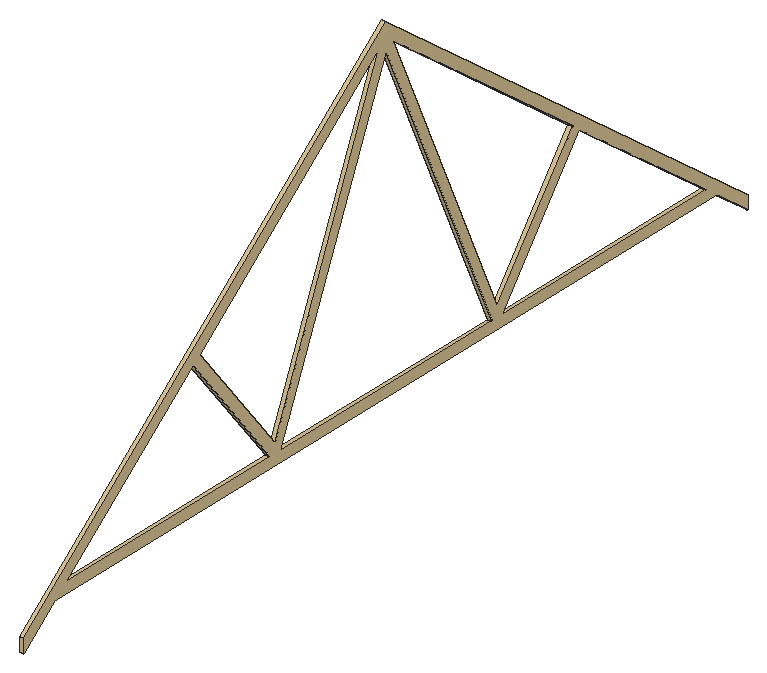
Revit family "09ac6c11a3c4411e8778aee750a2e507", category Structural Framing, Revit 2021
Family settings
  Structural Framing Length Roundoff = 1 mm
  Section Shape = Not Defined
  Material for Model Behavior = Other
  Always export as geometry = No
  Work Plane-Based = No
  Always vertical = Yes
  Cut with Voids When Loaded = No
  Symbolic Representation = From Family
  Shared = No
  Show family pre-cut in plan views = Yes
Parameters
  Truss Thickness = 38 mm
  Top Boom Depth = 97 mm
  Structural Material = Wood - Timber
  Span = 7500 mm
  Pitch = 38.00°
  Overhang = 350 mm
  Keynote = "G20/350"
  Int Boom Depth = 97 mm
  Bttm Boom Depth = 97 mm
Reference planes
  plane 1 "End1": y = 0
  plane 2: z = 0
  plane 3 "Center (Left/Right)": x = 0
  plane 4 "End2": y = 7500
  plane 5: y = 3750
  plane 6: y = 2500
  plane 7: y = 5000
  plane 8: y = -350
  plane 9: y = 7850
Forms (mm)
  Extrusion 1, solid, material "Wood - Timber" <- "Structural Material"
    sketch origin (0, 0, 0) x (0, 1, 0) y (0, 0, 1)
      loop
        line (-350, -273.45) -> (0, 0) -> (7500, 0) -> (7850, -273.45) -> (7850, -150.355) -> (3750, 3052.916) -> (-350, -150.355) -> (-350, -273.45)
      loop
        line (124.154, 97) -> (7375.846, 97) -> (3750, 2929.821) -> (124.154, 97)
    from 19 to -19
  Extrusion 2, solid, material "Wood - Timber" <- "Structural Material"
    sketch origin (0, 0, 0) x (0, 1, 0) y (0, 0, 1)
      loop
        line (2440.388, 94.523) -> (2551.919, 94.523) -> (3750, 2809.683) -> (4946.988, 97) -> (5061.547, 97) -> (5938.757, 1219.777) -> (5862.32, 1279.496) -> (5011.664, 190.706) -> (3830.903, 2866.613) -> (3750, 2929.821) -> (3669.097, 2866.613) -> (2488.336, 190.706) -> (1637.68, 1279.496) -> (1561.243, 1219.777) -> (2440.388, 94.523)
    from 19 to -19
Cuts and joins
  joined: Extrusion 1, Extrusion 2
Lines and regions (mm)
  symbolic lines, style "InvisibleLines"
    curve 1: line (0, 0, 0) -> (0, 4334.059, 3386.138)
    curve 2: line (0, 7500, 0) -> (0, 3165.941, 3386.138)
    curve 3: line (0, 3750, 2929.821) -> (0, 2500, 97)
    curve 4: line (0, 2500, 97) -> (0, 1599.462, 1249.636)
    curve 5: line (0, 3750, 2929.821) -> (0, 5000, 97)
    curve 6: line (0, 5000, 97) -> (0, 5900.538, 1249.636)
Dimensions and locks
  "Span": plane 4 "End2" to plane 1 "End1"
  equal spacing: plane 1 "End1", plane 5, plane 4 "End2"
  equal spacing: plane 1 "End1", plane 6, plane 7, plane 4 "End2"
  "Overhang": plane 8 to plane 1 "End1"
  "Overhang": plane 9 to plane 4 "End2"
  "Top Boom Depth": Extrusion 1 sketch curve to Extrusion 1 sketch curve  (x2)
  "Bttm Boom Depth": Extrusion 1 sketch curve to Extrusion 1 sketch curve
  locked: curve 4 to Extrusion 1
  locked: plane 6 to curve 4
  locked: curve 5 to plane 7
  locked: Extrusion 1 to curve 5
  equal spacing: Extrusion 1, plane 3 "Center (Left/Right)", Extrusion 1
  "Truss Thickness": Extrusion 1 to Extrusion 1
  equal spacing: Extrusion 2 sketch curve, curve 4, Extrusion 2 sketch curve
  "Int Boom Depth": Extrusion 2 sketch curve to Extrusion 2 sketch curve  (x4)
  equal spacing: Extrusion 2 sketch curve, curve 3, Extrusion 2 sketch curve
  equal spacing: Extrusion 2 sketch curve, curve 5, Extrusion 2 sketch curve
  equal spacing: Extrusion 2 sketch curve, curve 6, Extrusion 2 sketch curve
  "Pitch": angle level to curve 1
  "Pitch": angle curve 2 to level
  locked: curve 4 to Extrusion 1 (angle 90.00°)
  locked: Extrusion 1 to curve 6 (angle 90.00°)
  aligned and locked: level to curve 1
  aligned and locked: Extrusion 1 sketch curve to curve 1
  aligned and locked: Extrusion 1 sketch curve to curve 2
  aligned and locked: Extrusion 1 sketch curve to plane 8
  aligned and locked: Extrusion 1 sketch curve to plane 9
  aligned and locked: Extrusion 1 sketch curve to level
  aligned and locked: Extrusion 1 sketch curve to Extrusion 1 sketch curve  (x2)
  aligned and locked: curve 3 to Extrusion 1  (x2)
  aligned and locked: curve 1 to curve 4
  aligned and locked: curve 2 to curve 6
  aligned and locked: Extrusion 2 sketch curve to Extrusion 1
  aligned and locked: Extrusion 1 to Extrusion 2 sketch curve  (x2)
  aligned and locked: Extrusion 1 to Extrusion 2  (x2)
  aligned and locked: Extrusion 2 sketch curve to curve 2
Automatic sketch dimensions
  curve 1 to plane 1 "End1" = 0 mm
  curve 2 to level = 0 mm
  curve 2 to plane 4 "End2" = 0 mm
  plane 6 to Extrusion 2 sketch curve = 51.919 mm
  Extrusion 2 sketch curve to Extrusion 2 sketch curve = 0 mm
  Extrusion 2 sketch curve to plane 5 = 0 mm
